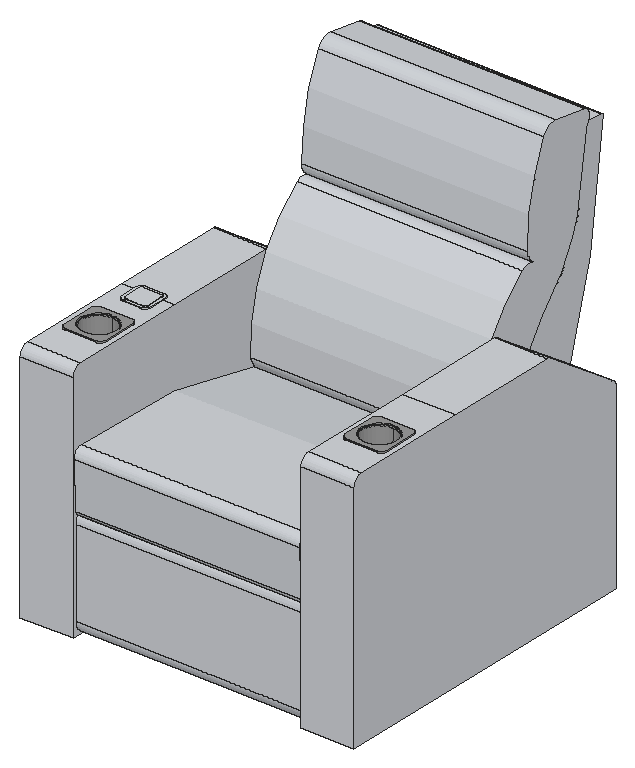
Revit family "212_P VERONA ZERO WALL-1S", category Furniture Systems, Revit 2021
Family settings
  Round Connector Dimension = Use Diameter
  Part Type = Normal
  Work Plane-Based = No
  Always vertical = Yes
  Cut with Voids When Loaded = No
  Shared = No
  Room Calculation Point = No
Parameters
  Manufacturer = "FERCO SEATING SYSTEMS"
  Description = "P VERONA ZERO WALL"
  Default Elevation = 0.00 mm
Reference planes
  plane 1 "Center (Front/Back)": y = 0
  plane 2: z = 0
  plane 3 "Center (Left/Right)": x = 0
  plane 4 "BACK HGT": z = 1060
  plane 5 "RT PANEL": x = -370
  plane 6 "LF PANEL": x = 370
  plane 7 "ra leg": through (0, -494.129, 297.218) normal (0, 0.1316, 0.9913)
  plane 8 "footrest side LF": x = -148
  plane 9 "Panel front": y = -931.744
  plane 10 "Backrest plane": through (0, 0, 0) normal (0, 0.0523, 0.9986)
  plane 11 "SWV TBL HGT": z = 640
  plane 12 "backrest": y = 68.256
  plane 13 "footrest": y = -1361.744
  plane 14 "FTRST-RT": x = -290
  plane 15 "FTRST-LF": x = 290
  plane 16 "FTRST-TOP": z = 435
  plane 17 "SIZELINE": y = -142.197
  plane 18: y = -757.22
Forms (mm)
  Revolve 1, void
    sketch origin (-370, 80, 0) x (0, 0, 1) y (0, -1, 0)
      loop
        line (546, 841.744) -> (546, 798.188) -> (640, 794.905) -> (644.281, 794.905) -> (644.281, 841.744) -> (546, 841.744)
      axis (546, 841.744) -> (644.281, 841.744)
    angle from 0 to 360
  Extrusion 2, solid
    sketch origin (-370, 0, 0) x (0, 0, 1) y (0, -1, 0)
      loop
        arc (482.615, 71.702) -> (487.25, 72.84) -> (490.829, 75.998) r 10
        line (490.829, 75.998) -> (638.214, 288.232)
        arc (638.214, 288.232) -> (639.543, 290.947) -> (640, 293.936) r 10
        line (640, 293.936) -> (640, 598.174) -> (640, 906.744)
        arc (640, 906.744) -> (632.678, 924.422) -> (615, 931.744) r 25
        line (615, 931.744) -> (0, 931.744) -> (0, 71.702) -> (482.615, 71.702)
    from -70 to 70
  Extrusion 3, solid
    sketch origin (370, 0, 0) x (0, 0, 1) y (0, -1, 0)
      loop
        arc (482.615, 71.702) -> (487.25, 72.84) -> (490.829, 75.998) r 10
        line (490.829, 75.998) -> (638.214, 288.232)
        arc (638.214, 288.232) -> (639.543, 290.947) -> (640, 293.936) r 10
        line (640, 293.936) -> (640, 598.174) -> (640, 906.744)
        arc (640, 906.744) -> (632.678, 924.422) -> (615, 931.744) r 25
        line (615, 931.744) -> (0, 931.744) -> (0, 71.702) -> (482.615, 71.702)
    from 70 to -70
  Revolve 4, void
    sketch origin (370, 80, 0) x (0, 0, 1) y (0, -1, 0)
      loop
        line (546, 841.744) -> (546, 798.188) -> (640, 794.905) -> (644.281, 794.905) -> (644.281, 841.744) -> (546, 841.744)
      axis (546, 841.744) -> (644.281, 841.744)
    angle from 0 to 360
  Extrusion 5, solid
    sketch origin (0, 10, 0) x (0, 1, 0) y (0, 0, 1)
      loop
        arc (56.966, 1008.214) -> (56.208, 1010.393) -> (54.128, 1011.389) r 3
        line (54.128, 1011.389) -> (6.876, 1013.866)
        arc (6.876, 1013.866) -> (-3.2, 942.482) -> (-15.632, 871.47) r 2178.442
        arc (-15.632, 871.47) -> (-21.125, 839.66) -> (-27.815, 808.079) r 854.809
        arc (-27.815, 808.079) -> (-48.306, 748.733) -> (-80.701, 694.95) r 300
        line (-80.701, 694.95) -> (-140.606, 619.935)
        arc (-140.606, 619.935) -> (-186.642, 550.913) -> (-220.235, 475.052) r 484.828
        line (-220.235, 475.052) -> (-253.201, 352.817)
        arc (-253.201, 352.817) -> (-249.337, 328.576) -> (-228.668, 315.335) r 30
        line (-228.668, 315.335) -> (-123.865, 299.678)
        arc (-123.865, 299.678) -> (-97.287, 304.724) -> (-79.627, 325.219) r 41.032
        line (-79.627, 325.219) -> (-79.627, 4.279) -> (-77.627, 4.544) -> (-77.627, 368.666)
        arc (-77.627, 368.666) -> (-76.833, 377.537) -> (-74.479, 386.126) r 50
        arc (-74.479, 386.126) -> (14.38, 692.282) -> (56.966, 1008.214) r 2148.78
    from -297 to 297
  Extrusion 6, solid
    sketch origin (0, 10, 0) x (0, 1, 0) y (0, 0, 1)
      loop
        arc (-137.039, 1038.99) -> (-179.552, 918.711) -> (-192.11, 791.759) r 530.289
        arc (-192.11, 791.759) -> (-187.977, 774.467) -> (-175.882, 761.436) r 35
        arc (-175.882, 761.436) -> (-192.608, 762.474) -> (-207.898, 755.617) r 35
        arc (-207.898, 755.617) -> (-328.056, 600.646) -> (-359.995, 407.169) r 399.495
        arc (-359.995, 407.169) -> (-347.288, 381.165) -> (-320.367, 370.54) r 40
        line (-320.367, 370.54) -> (-237.374, 370.064)
        arc (-237.374, 370.064) -> (-216.24, 473.43) -> (-175.662, 570.819) r 547.202
        arc (-175.662, 570.819) -> (-159.372, 596.261) -> (-140.606, 619.935) r 300
        line (-140.606, 619.935) -> (-80.701, 694.95)
        arc (-80.701, 694.95) -> (-48.306, 748.733) -> (-27.815, 808.079) r 300
        arc (-27.815, 808.079) -> (-21.125, 839.66) -> (-15.632, 871.47) r 854.809
        arc (-15.632, 871.47) -> (-2.01, 950.094) -> (8.723, 1029.164) r 2178.442
        arc (8.723, 1029.164) -> (6.55, 1040.951) -> (-3.563, 1047.383) r 15
        line (-3.563, 1047.383) -> (-98.489, 1062.271)
        arc (-98.489, 1062.271) -> (-122.006, 1057.654) -> (-137.039, 1038.99) r 35
    from -297 to 297
  Extrusion 7, solid
    sketch origin (-370, -578.174, 640) x (0, 1, 0) y (-1, 0, 0)
      loop
        arc (3.107, 23) -> (-1.286, 33.607) -> (-11.893, 38) r 15
        line (-11.893, 38) -> (-57.893, 38)
        arc (-57.893, 38) -> (-68.5, 33.607) -> (-72.893, 23) r 15
        line (-72.893, 23) -> (-72.893, -23)
        arc (-72.893, -23) -> (-68.5, -33.607) -> (-57.893, -38) r 15
        line (-57.893, -38) -> (-11.893, -38)
        arc (-11.893, -38) -> (-1.286, -33.607) -> (3.107, -23) r 15
        line (3.107, -23) -> (3.107, 23)
    from 0 to 1
  Extrusion 8, solid
    sketch origin (-370, -578.174, 641) x (0, 1, 0) y (-1, 0, 0)
      loop
        line (-57.893, -30) -> (-11.893, -30)
        arc (-11.893, -30) -> (-6.943, -27.95) -> (-4.893, -23) r 7
        line (-4.893, -23) -> (-4.893, 23)
        arc (-4.893, 23) -> (-6.943, 27.95) -> (-11.893, 30) r 7
        line (-11.893, 30) -> (-57.893, 30)
        arc (-57.893, 30) -> (-62.843, 27.95) -> (-64.893, 23) r 7
        line (-64.893, 23) -> (-64.893, -23)
        arc (-64.893, -23) -> (-62.843, -27.95) -> (-57.893, -30) r 7
    from 0 to 1
Cuts and joins
  Revolve 1, Revolve 4 cuts Extrusion 2
  Revolve 4 cuts Extrusion 3
Lines and regions (mm)
  symbolic lines, style "temp"
    curve 1: circle (-370, -470.145, 885.857) r 17100 normal (1, 0, 0)
  model lines, style "FurnitureSystemsHiddenLines"
    curve 2: arc (290, -1098.286, 435) -> (290, -1077.073, 426.213) -> (290, -1068.286, 405) r 30
    curve 3: line (290, -1068.286, 405) -> (290, -1068.286, 395)
    curve 4: arc (290, -1068.286, 395) -> (290, -1074.144, 380.858) -> (290, -1088.286, 375) r 20
    curve 5: line (290, -1088.286, 375) -> (290, -1338.286, 375)
    curve 6: arc (290, -1338.286, 375) -> (290, -1352.429, 380.858) -> (290, -1358.286, 395) r 20
    curve 7: line (290, -1358.286, 395) -> (290, -1358.286, 405)
    curve 8: arc (290, -1358.286, 405) -> (290, -1349.5, 426.213) -> (290, -1328.286, 435) r 30
    curve 9: line (290, -1328.286, 435) -> (290, -1098.286, 435)
    curve 10: line (290, -1093.067, 373.404) -> (290, -1337.567, 373.404)
    curve 11: line (290, -1093.067, 350.56) -> (290, -1093.067, 373.404)
    curve 12: line (290, -1337.567, 350.56) -> (290, -1093.067, 350.56)
    curve 13: line (290, -1337.567, 373.404) -> (290, -1337.567, 350.56)
    curve 14: arc (-290, -1098.286, 435) -> (-290, -1077.073, 426.213) -> (-290, -1068.286, 405) r 30
    curve 15: line (-290, -1068.286, 405) -> (-290, -1068.286, 395)
    curve 16: arc (-290, -1068.286, 395) -> (-290, -1074.144, 380.858) -> (-290, -1088.286, 375) r 20
    curve 17: line (-290, -1088.286, 375) -> (-290, -1338.286, 375)
    curve 18: arc (-290, -1338.286, 375) -> (-290, -1352.429, 380.858) -> (-290, -1358.286, 395) r 20
    curve 19: line (-290, -1358.286, 395) -> (-290, -1358.286, 405)
    curve 20: arc (-290, -1358.286, 405) -> (-290, -1349.5, 426.213) -> (-290, -1328.286, 435) r 30
    curve 21: line (-290, -1328.286, 435) -> (-290, -1098.286, 435)
    curve 22: line (-290, -1093.067, 373.404) -> (-290, -1337.567, 373.404)
    curve 23: line (-290, -1093.067, 350.56) -> (-290, -1093.067, 373.404)
    curve 24: line (-290, -1337.567, 350.56) -> (-290, -1093.067, 350.56)
    curve 25: line (-290, -1337.567, 373.404) -> (-290, -1337.567, 350.56)
    curve 26: line (-290, -1337.567, 435) -> (290, -1337.567, 435)
    curve 27: line (-290, -1098.286, 435) -> (290, -1098.286, 435)
    curve 28: line (-320, -1337.567, 380.56) -> (260, -1337.567, 380.56)
    curve 29: line (-320, -1093.067, 380.56) -> (260, -1093.067, 380.56)
    curve 42: arc (-290, -931.744, 289.042) -> (-290, -963.723, 288.348) -> (-290, -995.147, 282.378) r 192.849
    curve 43: arc (-290, -995.147, 282.378) -> (-290, -1013.701, 276.199) -> (-290, -1031.535, 268.171) r 192.849
    curve 44: arc (-290, -1031.535, 268.171) -> (-290, -1039.6, 262.297) -> (-290, -1045.475, 254.231) r 32.14
    curve 45: line (-290, -1048.116, 244.226) -> (-290, -1047.564, 240.182)
    curve 46: line (-290, -1047.564, 240.182) -> (-290, -1046.209, 236.247)
    curve 47: line (-290, -1046.209, 236.247) -> (-290, -1043.124, 230.704)
    curve 48: line (-290, -1043.124, 230.704) -> (-290, -1039.313, 225.714)
    curve 49: line (-290, -1039.313, 225.714) -> (-290, -1035.019, 221.269)
    curve 50: line (-290, -1035.019, 221.269) -> (-290, -1030.326, 217.282)
    curve 51: line (-290, -1025.316, 213.663) -> (-290, -1020.07, 210.325)
    curve 52: line (-290, -1030.326, 217.282) -> (-290, -1025.316, 213.663)
    curve 53: line (-290, -1020.07, 210.325) -> (-290, -1007.234, 203.08)
    curve 54: line (-290, -1007.234, 203.08) -> (-290, -994.115, 196.435)
    curve 55: line (-290, -994.115, 196.435) -> (-290, -983.686, 191.867)
    curve 56: line (-290, -983.686, 191.867) -> (-290, -973.058, 188.023)
    curve 57: line (-290, -973.058, 188.023) -> (-290, -962.211, 185.072)
    curve 58: line (-290, -962.211, 185.072) -> (-290, -951.127, 183.169)
    curve 59: arc (-290, -943.393, 182.456) -> (-290, -947.266, 182.742) -> (-290, -951.127, 183.169) r 106.082
    curve 60: line (-290, -934.567, 183.079) -> (-290, -944.65, 182.723)
    curve 61: circle (-290, -956.131, 220.077) r 3.125 normal (1, 0, 0)
    curve 62: circle (-290, -956.187, 240.077) r 3.123 normal (1, 0, 0)
    curve 63: line (-290, -1046.487, 252.305) -> (-290, -1047.719, 248.307)
    curve 64: line (-290, -1047.719, 248.307) -> (-290, -1048.116, 244.226)
    curve 65: arc (290, -931.744, 289.042) -> (290, -963.723, 288.348) -> (290, -995.147, 282.378) r 192.849
    curve 66: arc (290, -995.147, 282.378) -> (290, -1013.701, 276.199) -> (290, -1031.535, 268.171) r 192.849
    curve 67: arc (290, -1031.535, 268.171) -> (290, -1039.6, 262.297) -> (290, -1045.475, 254.231) r 32.14
    curve 68: line (290, -1048.116, 244.226) -> (290, -1047.564, 240.182)
    curve 69: line (290, -1047.564, 240.182) -> (290, -1046.209, 236.247)
    curve 70: line (290, -1046.209, 236.247) -> (290, -1043.124, 230.704)
    curve 71: line (290, -1043.124, 230.704) -> (290, -1039.313, 225.714)
    curve 72: line (290, -1039.313, 225.714) -> (290, -1035.019, 221.269)
    curve 73: line (290, -1035.019, 221.269) -> (290, -1030.326, 217.282)
    curve 74: line (290, -1025.316, 213.663) -> (290, -1020.07, 210.325)
    curve 75: line (290, -1030.326, 217.282) -> (290, -1025.316, 213.663)
    curve 76: line (290, -1020.07, 210.325) -> (290, -1007.234, 203.08)
    curve 77: line (290, -1007.234, 203.08) -> (290, -994.115, 196.435)
    curve 78: line (290, -994.115, 196.435) -> (290, -983.686, 191.867)
    curve 79: line (290, -983.686, 191.867) -> (290, -973.058, 188.023)
    curve 80: line (290, -973.058, 188.023) -> (290, -962.211, 185.072)
    curve 81: line (290, -962.211, 185.072) -> (290, -951.127, 183.169)
    curve 82: circle (290, -956.131, 220.077) r 3.125 normal (1, 0, 0)
    curve 83: circle (290, -956.187, 240.077) r 3.123 normal (1, 0, 0)
    curve 84: line (290, -1046.487, 252.305) -> (290, -1047.719, 248.307)
    curve 85: line (290, -1047.719, 248.307) -> (290, -1048.116, 244.226)
    curve 86: arc (290, -1015.482, 321.163) -> (290, -1010.382, 300.268) -> (290, -1007.799, 278.916) r 180.874
    curve 87: arc (290, -1031.431, 344.147) -> (290, -1022.06, 333.624) -> (290, -1015.482, 321.163) r 58.412
    curve 88: arc (290, -1051.727, 358.852) -> (290, -1041.07, 352.202) -> (290, -1031.431, 344.147) r 90.952
    curve 89: arc (290, -1094.225, 367.013) -> (290, -1072.366, 366.053) -> (290, -1051.71, 358.832) r 75.112
    curve 90: arc (290, -1119.777, 320.65) -> (290, -1119.142, 350.522) -> (290, -1094.225, 367.013) r 32.202
    curve 91: arc (290, -1099.941, 295.702) -> (290, -1111.178, 307.128) -> (290, -1119.777, 320.65) r 76.241
    curve 92: arc (290, -1099.941, 295.702) -> (290, -1095.502, 291.778) -> (290, -1091.351, 287.552) r 83.955
    curve 93: arc (290, -1091.351, 287.552) -> (290, -1082.313, 275.92) -> (290, -1073.811, 263.891) r 324.734
    curve 94: arc (290, -1053.922, 236.426) -> (290, -1064.361, 249.8) -> (290, -1073.811, 263.891) r 235.792
    curve 95: arc (290, -1038.294, 224.66) -> (290, -1046.684, 229.777) -> (290, -1053.922, 236.426) r 50.402
    curve 96: circle (290, -1103.904, 334.399) r 3.25 normal (-1, 0, 0)
    curve 97: circle (290, -1103.904, 334.399) r 2 normal (-1, 0, 0)
    curve 98: line (290, -1032.934, 219.498) -> (290, -1073.256, 219.168)
    curve 99: line (290, -1073.256, 219.168) -> (290, -1080.416, 224.529)
    curve 100: line (290, -1080.416, 224.529) -> (290, -1080.631, 228.996)
    curve 101: arc (290, -1080.631, 228.996) -> (290, -1078.753, 235.153) -> (290, -1073.835, 239.305) r 11.376
    curve 102: line (290, -1073.835, 239.305) -> (290, -1057.805, 241.172)
    curve 103: circle (290, -1071.142, 229.453) r 4.9 normal (-1, 0, 0)
    curve 104: circle (290, -1071.142, 229.453) r 3.265 normal (-1, 0, 0)
    curve 105: line (290, -1092.196, 275.482) -> (290, -1080.548, 227.27)
    curve 106: line (290, -1095.551, 289.366) -> (290, -1092.377, 276.234)
    curve 107: line (290, -1063.869, 240.466) -> (290, -1067.035, 253.571)
    curve 108: line (290, -1092.377, 276.234) -> (290, -1084.052, 278.245)
    curve 109: arc (-290, -1015.482, 321.163) -> (-290, -1010.382, 300.268) -> (-290, -1007.799, 278.916) r 180.874
    curve 110: arc (-290, -1031.431, 344.147) -> (-290, -1022.06, 333.624) -> (-290, -1015.482, 321.163) r 58.412
    curve 111: arc (-290, -1051.727, 358.852) -> (-290, -1041.07, 352.202) -> (-290, -1031.431, 344.147) r 90.952
    curve 112: arc (-290, -1094.225, 367.013) -> (-290, -1072.366, 366.053) -> (-290, -1051.71, 358.832) r 75.112
    curve 113: arc (-290, -1119.777, 320.65) -> (-290, -1119.142, 350.522) -> (-290, -1094.225, 367.013) r 32.202
    curve 114: arc (-290, -1099.941, 295.702) -> (-290, -1111.178, 307.128) -> (-290, -1119.777, 320.65) r 76.241
    curve 115: arc (-290, -1099.941, 295.702) -> (-290, -1095.502, 291.778) -> (-290, -1091.351, 287.552) r 83.955
    curve 116: arc (-290, -1091.351, 287.552) -> (-290, -1082.313, 275.92) -> (-290, -1073.811, 263.891) r 324.734
    curve 117: arc (-290, -1053.922, 236.426) -> (-290, -1064.361, 249.8) -> (-290, -1073.811, 263.891) r 235.792
    curve 118: arc (-290, -1038.577, 224.797) -> (-290, -1046.81, 229.872) -> (-290, -1053.922, 236.426) r 50.402
    curve 119: circle (-290, -1103.904, 334.399) r 3.25 normal (-1, 0, 0)
    curve 120: circle (-290, -1103.904, 334.399) r 2 normal (-1, 0, 0)
    curve 121: line (-290, -1032.934, 219.498) -> (-290, -1073.256, 219.168)
    curve 122: line (-290, -1073.256, 219.168) -> (-290, -1080.416, 224.529)
    curve 123: line (-290, -1080.416, 224.529) -> (-290, -1080.631, 228.996)
    curve 124: arc (-290, -1080.631, 228.996) -> (-290, -1078.753, 235.153) -> (-290, -1073.835, 239.305) r 11.376
    curve 125: line (-290, -1073.835, 239.305) -> (-290, -1057.805, 241.172)
    curve 126: circle (-290, -1071.142, 229.453) r 4.9 normal (-1, 0, 0)
    curve 127: circle (-290, -1071.142, 229.453) r 3.265 normal (-1, 0, 0)
    curve 128: line (-290, -1092.196, 275.482) -> (-290, -1080.548, 227.27)
    curve 129: line (-290, -1095.551, 289.366) -> (-290, -1092.377, 276.234)
    curve 130: line (-290, -1063.869, 240.466) -> (-290, -1067.035, 253.571)
    curve 131: line (-290, -1092.377, 276.234) -> (-290, -1084.052, 278.245)
  model lines, style "thin lines"
    curve 30: line (-440, -333.814, 640) -> (-440, -755.396, 0)
    curve 31: line (-440, -123.048, 522.875) -> (-440, -467.477, 0)
    curve 36: line (440, -333.814, 640) -> (440, -755.396, 0)
    curve 37: line (440, -123.048, 522.875) -> (440, -467.477, 0)
  model lines, style "STITCHING"
    curve 32: line (-440, -343.393, 640) -> (-440, -762.077, 4.401)
    curve 33: line (-440, -324.234, 640) -> (-440, -745.816, 0)
    curve 34: line (-440, -129.729, 527.276) -> (-440, -474.158, 4.401)
    curve 35: line (-440, -116.367, 518.474) -> (-440, -457.898, 0)
    curve 38: line (440, -343.393, 640) -> (440, -762.077, 4.401)
    curve 39: line (440, -324.234, 640) -> (440, -745.816, 0)
    curve 40: line (440, -129.729, 527.276) -> (440, -474.158, 4.401)
    curve 41: line (440, -116.367, 518.474) -> (440, -460.797, -4.401)
Dimensions and locks
  plane 5 "RT PANEL" to plane 6 "LF PANEL" = 740.00 mm
  plane 5 "RT PANEL" to plane 3 "Center (Left/Right)" to plane 6 "LF PANEL" = 370.00 mm, 370.00 mm
  plane 12 "backrest" to plane 9 "Panel front" = 1000.00 mm
  plane 12 "backrest" to plane 13 "footrest" = 1430.00 mm
  plane 6 "LF PANEL" to plane 5 "RT PANEL" = 740.00 mm
  plane 14 "FTRST-RT" to plane 3 "Center (Left/Right)" = 290.00 mm
  plane 4 "BACK HGT" to level = 1060.00 mm
  plane 6 "LF PANEL" to cut or joined group of Extrusion 3, Revolve 4 = 70.00 mm
  aligned and locked: level to plane 2
  aligned and locked: nested 4 to Extrusion 2
  aligned and locked: nested 3 to Extrusion 2
  aligned and locked: plane 6 "LF PANEL" to nested 3
  aligned and locked: plane 3 "Center (Left/Right)" to nested 1
  aligned and locked: nested 2 to plane 3 "Center (Left/Right)"
Nested families
  nested 1: "ST-PVZ" at (0, -920.726, 287.937) x (1, 0, 0) z (0, 0.1316, 0.9913), type "FG21"
  nested 2: "F-FR-PVZ" at (0, -862.5, 6.678) x (-1, 0, 0) z (0, -1, 0), type "F-FR-PVZ"
  nested 3: "P-CH-PMX" at (370, -761.744, 543.5) x (0, 1, 0) z (1, 0, 0), type "NP32"
  nested 4: "P-CH-PMX" at (-370, -761.744, 543.5) x (0, 1, 0) z (1, 0, 0), type "NP32"
Definition of nested family "ST-PVZ"
  Parameters (values of type "FG21")
    Description = "ppremium verona seat"
    Default Elevation = 1219.20 mm
  Reference planes
    plane 1 "Center (Front/Back)": y = 0
    plane 2: z = 0
    plane 3 "Center (Left/Right)": x = 0
  Forms (mm)
    Extrusion 1, solid
      sketch origin (0, 0, 18) x (0, 1, 0) y (0, 0, 1)
        loop
          arc (-9.734, 143.034) -> (-25.437, 132.52) -> (-29.296, 114.02) r 25
          line (-29.296, 114.02) -> (-6.507, -9.81)
          arc (-6.507, -9.81) -> (-3.072, -15.684) -> (3.328, -18) r 10
          line (3.328, -18) -> (615, -18)
          arc (615, -18) -> (618.536, -16.536) -> (620, -13) r 5
          line (620, -13) -> (620, 128.496)
          arc (620, 128.496) -> (615.393, 141.266) -> (603.693, 148.152) r 20
          arc (603.693, 148.152) -> (296.73, 175.448) -> (-9.734, 143.034) r 1590.503
      from -297 to 297
    Extrusion 2, solid
      sketch origin (0, 0, 0) x (1, 0, 0) y (0, 1, 0)
        loop
          line (285, 0) -> (285, 595) -> (197.5, 595) -> (197.5, 740) -> (-197.5, 740) -> (-197.5, 595) -> (-285, 595) -> (-285, 0) -> (285, 0)
        loop
          circle (0, 100) r 15
        loop
          circle (0, 400) r 15
        loop
          circle (-135, 250) r 15
        loop
          circle (135, 250) r 15
        loop
          circle (-202.5, 140) r 4
        loop
          circle (172.5, 140) r 4
        loop
          circle (157.5, 695) r 4
        loop
          circle (-162.5, 695) r 4
      from 0 to 18
  Lines and regions (mm)
    symbolic lines
      curve 1: line (-862.03, 0, 888.263) -> (-849.33, 0, 888.263)
  Dimensions and locks
    aligned and locked: level to plane 2
Definition of nested family "F-FR-PVZ"
  Parameters (values of type "F-FR-PVZ")
    Description = "premium verona footrest foam"
    Default Elevation = 1219.20 mm
  Reference planes
    plane 1 "Center (Front/Back)": y = 0
    plane 2: z = 0
    plane 3 "Center (Left/Right)": x = 0
  Forms (mm)
    Extrusion 1, solid
      sketch origin (0, 0, 0) x (0, 1, 0) y (0, 0, 1)
        loop
          line (-30, 63) -> (-260, 63)
          arc (-260, 63) -> (-283.335, 53.335) -> (-293, 30) r 33
          line (-293, 30) -> (-293, 20)
          arc (-293, 20) -> (-286.263, 3.737) -> (-270, -3) r 23
          line (-270, -3) -> (-20, -3)
          arc (-20, -3) -> (-3.737, 3.737) -> (3, 20) r 23
          line (3, 20) -> (3, 30)
          arc (3, 30) -> (-6.665, 53.335) -> (-30, 63) r 33
      from -297 to 297
  Dimensions and locks
    aligned and locked: level to plane 2
Definition of nested family "P-CH-PMX"
  Parameters (values of type "NP32")
    Description = "CUPHOLDER (PREMIUM MAX)"
    Default Elevation = 1219.20 mm
  Reference planes
    plane 1 "Center (Front/Back)": y = 0
    plane 2: z = 0
    plane 3 "Center (Left/Right)": x = 0
    plane 4 "T": y = 96.5
  Forms (mm)
    Revolve 1, solid
      sketch origin (0, 0, 0) x (1, 0, 0) y (0, 1, 0)
        loop
          arc (-43.51, 8.343) -> (-42.139, 5.263) -> (-39.013, 4) r 4.5
          line (-39.013, 4) -> (-20, 4) -> (-20, 2.5) -> (-2.4, 2.5)
          arc (-2.4, 2.5) -> (-1.733, 0.739) -> (0, 0) r 2.402
          line (0, 0) -> (0, 6.5) -> (-39.013, 6.5)
          arc (-39.013, 6.5) -> (-40.402, 7.061) -> (-41.012, 8.43) r 2
          line (-41.012, 8.43) -> (-44.054, 95.535)
          arc (-44.054, 95.535) -> (-44.358, 96.219) -> (-45.053, 96.5) r 1
          line (-45.053, 96.5) -> (-46.589, 96.5) -> (-43.51, 8.343)
        axis (0, 96.5) -> (0, 0)
      angle from 0 to 360
    Extrusion 2, solid
      sketch origin (0, 96.5, 0) x (-1, 0, 0) y (0, 0, 1)
        loop
          arc (58.75, 40) -> (54.357, 50.607) -> (43.75, 55) r 15
          line (43.75, 55) -> (-43.75, 55)
          arc (-43.75, 55) -> (-54.357, 50.607) -> (-58.75, 40) r 15
          line (-58.75, 40) -> (-58.75, -40)
          arc (-58.75, -40) -> (-54.357, -50.607) -> (-43.75, -55) r 15
          line (-43.75, -55) -> (43.75, -55)
          arc (43.75, -55) -> (54.357, -50.607) -> (58.75, -40) r 15
          line (58.75, -40) -> (58.75, 40)
        loop
          circle (0, 0) r 46.589
      from 0 to 2.5
    Extrusion 3, solid
      sketch origin (0, 0, 0) x (1, 0, 0) y (0, 1, 0)
        loop
          line (47.5, 94) -> (48.303, 71) -> (50, 71) -> (52.098, 74.634) -> (52.098, 75.5) -> (50, 75.5) -> (50, 94) -> (47.5, 94)
        loop
          line (-47.5, 94) -> (-50, 94) -> (-50, 75.5) -> (-52.098, 75.5) -> (-52.098, 74.634) -> (-50, 71) -> (-48.303, 71) -> (-47.5, 94)
      from -16.5 to 16.5
  Dimensions and locks
    Extrusion 2 to Extrusion 2 = 110.00 mm
    Extrusion 2 to Extrusion 2 = 117.50 mm
    aligned and locked: level to plane 2
